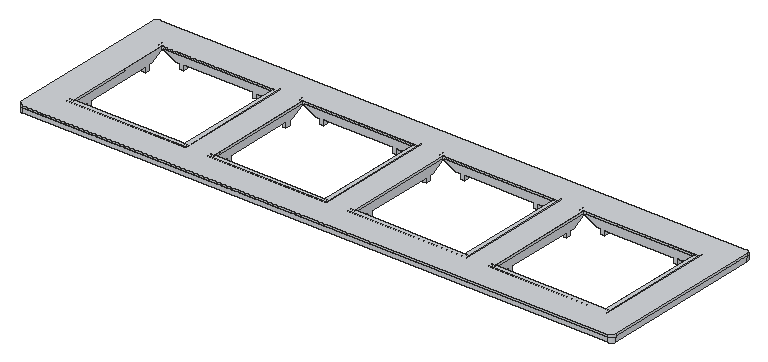
Revit family "Gira_0214295", category Electrical Fixtures, host Face, Revit 2017
Family settings
  Host = Face
  Maintain Annotation Orientation = No
  Round Connector Dimension = Use Diameter
  Part Type = Normal
  Cut with Voids When Loaded = No
  Shared = No
  Room Calculation Point = No
Parameters (values of type "Cov.fr. 4-g flat Gira E2 p.white")
  With mounting grid = "No"
  With hinged lid = "No"
  URL = "http://katalog.gira.de/en/datenblatt.html?artikelnr=0214295"
  Type of fastening = "Clamp mounting"
  Transparent = "No"
  Surface protection = "Other"
  Surface finishing = "Glossy"
  Suitable for wall duct = "No"
  Suitable for flush-mounted installation = "Yes"
  Suitable for floor box = "No"
  Suitable for built-in installation = "No"
  RAL-number (akin) = "9010"
  Number of units vertical = "4"
  Number of units horizontal = "4"
  Number of units = "4"
  Name = "Cov.fr. 4-g flat Gira E2 p.white"
  Mounting direction = "Horizontal and vertical"
  Material quality = "Thermoplastic"
  Material = "Plastic"
  Manufacturer URL = "https://www.gira.de/"
  Manufacturer = "Gira"
  Label space/information surface = "No"
  Keynote = ""
  HeinzeBIM = "https://bimportal.heinze.de/bim/cov-fr-4-g-flat-gira-e2-p-white/750c022521ac375c9430a781b26e076f1da74bf4"
  Halogen free = "Yes"
  HAN = "0214295"
  GTIN = "4010337022268"
  Description = "Cov.fr.4g flat E2 PW,Gira E2 cover frame for flat installation,pure white glossy,4-gang,"
  Degree of protection (IP) = "IP21"
  Default Elevation = 1219.2 mm
  Data sheet (1) = "https://katalog.gira.de/en/download.html?artikelnr=0214295"
  Colour = "White"
  Category = "Cover frame for domestic switching devices"
  BIM (1) = "https://media.stage.bim.site/public/gira/36a6b08/E2flach_Rahmen_4fach.rfa"
  Available = "No"
Reference planes
  plane 1 "Center (Front/Back)": y = 0
  plane 2: z = 0
  plane 3 "Center (Left/Right)": x = 0
Forms (mm)
  Extrusion 1, solid, detail levels fine
    sketch origin (0, 0, 0) x (1, 0, 0) y (0, 1, 0)
      loop
        arc (-148.2, 43.9) -> (-149.968, 43.168) -> (-150.7, 41.4) r 2.5
        line (-150.7, 41.4) -> (-150.7, -41.4)
        arc (-150.7, -41.4) -> (-149.968, -43.168) -> (-148.2, -43.9) r 2.5
        line (-148.2, -43.9) -> (148.2, -43.9)
        arc (148.2, -43.9) -> (149.968, -43.168) -> (150.7, -41.4) r 2.5
        line (150.7, -41.4) -> (150.7, 41.4)
        arc (150.7, 41.4) -> (149.968, 43.168) -> (148.2, 43.9) r 2.5
        line (148.2, 43.9) -> (-148.2, 43.9)
      loop
        spline (-134.944, -27.245) -> (-134.936, -27.363) -> (-134.913, -27.478) -> (-134.875, -27.589) -> (-134.823, -27.695) -> (-134.758, -27.792) -> (-134.681, -27.881) -> (-134.592, -27.958) -> (-134.495, -28.023) -> (-134.389, -28.075) -> (-134.278, -28.113) -> (-134.163, -28.136) -> (-134.045, -28.144)
        line (-134.045, -28.144) -> (-79.555, -28.144)
        spline (-79.555, -28.144) -> (-79.437, -28.136) -> (-79.322, -28.113) -> (-79.211, -28.075) -> (-79.105, -28.023) -> (-79.008, -27.958) -> (-78.919, -27.881) -> (-78.842, -27.792) -> (-78.777, -27.695) -> (-78.725, -27.589) -> (-78.687, -27.478) -> (-78.664, -27.363) -> (-78.656, -27.245)
        line (-78.656, -27.245) -> (-78.656, 27.245)
        spline (-78.656, 27.245) -> (-78.664, 27.363) -> (-78.687, 27.478) -> (-78.725, 27.589) -> (-78.777, 27.695) -> (-78.842, 27.792) -> (-78.919, 27.881) -> (-79.008, 27.958) -> (-79.105, 28.023) -> (-79.211, 28.075) -> (-79.322, 28.113) -> (-79.437, 28.136) -> (-79.555, 28.144)
        line (-79.555, 28.144) -> (-134.045, 28.144)
        spline (-134.045, 28.144) -> (-134.163, 28.136) -> (-134.278, 28.113) -> (-134.389, 28.075) -> (-134.495, 28.023) -> (-134.592, 27.958) -> (-134.681, 27.881) -> (-134.758, 27.792) -> (-134.823, 27.695) -> (-134.875, 27.589) -> (-134.913, 27.478) -> (-134.936, 27.363) -> (-134.944, 27.245)
        line (-134.944, 27.245) -> (-134.944, -27.245)
      loop
        spline (134.045, -28.144) -> (134.163, -28.136) -> (134.278, -28.113) -> (134.389, -28.075) -> (134.495, -28.023) -> (134.592, -27.958) -> (134.681, -27.881) -> (134.758, -27.792) -> (134.823, -27.695) -> (134.875, -27.589) -> (134.913, -27.478) -> (134.936, -27.363) -> (134.944, -27.245)
        line (134.944, -27.245) -> (134.944, 27.245)
        spline (134.944, 27.245) -> (134.936, 27.363) -> (134.913, 27.478) -> (134.875, 27.589) -> (134.823, 27.695) -> (134.758, 27.792) -> (134.681, 27.881) -> (134.592, 27.958) -> (134.495, 28.023) -> (134.389, 28.075) -> (134.278, 28.113) -> (134.163, 28.136) -> (134.045, 28.144)
        line (134.045, 28.144) -> (79.555, 28.144)
        spline (79.555, 28.144) -> (79.437, 28.136) -> (79.322, 28.113) -> (79.211, 28.075) -> (79.105, 28.023) -> (79.008, 27.958) -> (78.919, 27.881) -> (78.842, 27.792) -> (78.777, 27.695) -> (78.725, 27.589) -> (78.687, 27.478) -> (78.664, 27.363) -> (78.656, 27.245)
        line (78.656, 27.245) -> (78.656, -27.245)
        spline (78.656, -27.245) -> (78.664, -27.363) -> (78.687, -27.478) -> (78.725, -27.589) -> (78.777, -27.695) -> (78.842, -27.792) -> (78.919, -27.881) -> (79.008, -27.958) -> (79.105, -28.023) -> (79.211, -28.075) -> (79.322, -28.113) -> (79.437, -28.136) -> (79.555, -28.144)
        line (79.555, -28.144) -> (134.045, -28.144)
      loop
        spline (-63.744, -27.245) -> (-63.736, -27.363) -> (-63.713, -27.478) -> (-63.675, -27.589) -> (-63.623, -27.695) -> (-63.558, -27.792) -> (-63.481, -27.881) -> (-63.392, -27.958) -> (-63.295, -28.023) -> (-63.189, -28.075) -> (-63.078, -28.113) -> (-62.963, -28.136) -> (-62.845, -28.144)
        line (-62.845, -28.144) -> (-8.355, -28.144)
        spline (-8.355, -28.144) -> (-8.237, -28.136) -> (-8.122, -28.113) -> (-8.011, -28.075) -> (-7.905, -28.023) -> (-7.808, -27.958) -> (-7.719, -27.881) -> (-7.642, -27.792) -> (-7.577, -27.695) -> (-7.525, -27.589) -> (-7.487, -27.478) -> (-7.464, -27.363) -> (-7.456, -27.245)
        line (-7.456, -27.245) -> (-7.456, 27.245)
        spline (-7.456, 27.245) -> (-7.464, 27.363) -> (-7.487, 27.478) -> (-7.525, 27.589) -> (-7.577, 27.695) -> (-7.642, 27.792) -> (-7.719, 27.881) -> (-7.808, 27.958) -> (-7.905, 28.023) -> (-8.011, 28.075) -> (-8.122, 28.113) -> (-8.237, 28.136) -> (-8.355, 28.144)
        line (-8.355, 28.144) -> (-62.845, 28.144)
        spline (-62.845, 28.144) -> (-62.963, 28.136) -> (-63.078, 28.113) -> (-63.189, 28.075) -> (-63.295, 28.023) -> (-63.392, 27.958) -> (-63.481, 27.881) -> (-63.558, 27.792) -> (-63.623, 27.695) -> (-63.675, 27.589) -> (-63.713, 27.478) -> (-63.736, 27.363) -> (-63.744, 27.245)
        line (-63.744, 27.245) -> (-63.744, -27.245)
      loop
        spline (7.456, -27.245) -> (7.464, -27.363) -> (7.487, -27.478) -> (7.525, -27.589) -> (7.577, -27.695) -> (7.642, -27.792) -> (7.719, -27.881) -> (7.808, -27.958) -> (7.905, -28.023) -> (8.011, -28.075) -> (8.122, -28.113) -> (8.237, -28.136) -> (8.355, -28.144)
        line (8.355, -28.144) -> (62.845, -28.144)
        spline (62.845, -28.144) -> (62.963, -28.136) -> (63.078, -28.113) -> (63.189, -28.075) -> (63.295, -28.023) -> (63.392, -27.958) -> (63.481, -27.881) -> (63.558, -27.792) -> (63.623, -27.695) -> (63.675, -27.589) -> (63.713, -27.478) -> (63.736, -27.363) -> (63.744, -27.245)
        line (63.744, -27.245) -> (63.744, 27.245)
        spline (63.744, 27.245) -> (63.736, 27.363) -> (63.713, 27.478) -> (63.675, 27.589) -> (63.623, 27.695) -> (63.558, 27.792) -> (63.481, 27.881) -> (63.392, 27.958) -> (63.295, 28.023) -> (63.189, 28.075) -> (63.078, 28.113) -> (62.963, 28.136) -> (62.845, 28.144)
        line (62.845, 28.144) -> (8.355, 28.144)
        spline (8.355, 28.144) -> (8.237, 28.136) -> (8.122, 28.113) -> (8.011, 28.075) -> (7.905, 28.023) -> (7.808, 27.958) -> (7.719, 27.881) -> (7.642, 27.792) -> (7.577, 27.695) -> (7.525, 27.589) -> (7.487, 27.478) -> (7.464, 27.363) -> (7.456, 27.245)
        line (7.456, 27.245) -> (7.456, -27.245)
    from 2.5 to 3.4
  Extrusion 2, solid, detail levels fine
    sketch origin (0, 0, 0) x (1, 0, 0) y (0, 1, 0)
      loop
        arc (-148.2, 43.9) -> (-149.968, 43.168) -> (-150.7, 41.4) r 2.5
        line (-150.7, 41.4) -> (-150.7, -41.4)
        arc (-150.7, -41.4) -> (-149.968, -43.168) -> (-148.2, -43.9) r 2.5
        line (-148.2, -43.9) -> (148.2, -43.9)
        arc (148.2, -43.9) -> (149.968, -43.168) -> (150.7, -41.4) r 2.5
        line (150.7, -41.4) -> (150.7, 41.4)
        arc (150.7, 41.4) -> (149.968, 43.168) -> (148.2, 43.9) r 2.5
        line (148.2, 43.9) -> (-148.2, 43.9)
      loop
        arc (-148.2, 43.4) -> (-149.614, 42.814) -> (-150.2, 41.4) r 2
        line (-150.2, 41.4) -> (-150.2, -41.4)
        arc (-150.2, -41.4) -> (-149.614, -42.814) -> (-148.2, -43.4) r 2
        line (-148.2, -43.4) -> (148.2, -43.4)
        arc (148.2, -43.4) -> (149.614, -42.814) -> (150.2, -41.4) r 2
        line (150.2, -41.4) -> (150.2, 41.4)
        arc (150.2, 41.4) -> (149.614, 42.814) -> (148.2, 43.4) r 2
        line (148.2, 43.4) -> (-148.2, 43.4)
    from 0 to 2.5
  Extrusion 3, solid, detail levels fine
    sketch origin (-106.8, 0, 0) x (1, 0, 0) y (0, 0, 1)
      loop
        line (-17.5, -4.06) -> (-17.5, -1.56) -> (17.5, -1.56) -> (17.5, -4.06) -> (19.5, -4.06) -> (19.5, -1.56) -> (21.654, -1.56) -> (27.214, 1.65) -> (30, 1.65) -> (30, 3.4) -> (-30, 3.4) -> (-30, 1.65) -> (-27.214, 1.65) -> (-21.654, -1.56) -> (-19.5, -1.56) -> (-19.5, -4.06) -> (-17.5, -4.06)
    from 28.144 to 30
  Extrusion 4, solid, detail levels fine
    sketch origin (-106.8, 0, 0) x (0, -1, 0) y (0, 0, -1)
      loop
        line (-17.5, 4.06) -> (-19.5, 4.06) -> (-19.5, 1.56) -> (-21.654, 1.56) -> (-27.214, -1.65) -> (-28.144, -1.65) -> (-28.144, -3.4) -> (28.144, -3.4) -> (28.144, -1.65) -> (27.214, -1.65) -> (21.654, 1.56) -> (19.5, 1.56) -> (19.5, 4.06) -> (17.5, 4.06) -> (17.5, 1.56) -> (-17.5, 1.56) -> (-17.5, 4.06)
    from 28.144 to 30
  Extrusion 5, solid, detail levels medium
    sketch origin (-106.8, 0, 0) x (0, -1, 0) y (0, 0, 1)
      loop
        line (-17.5, -4.06) -> (-17.5, -1.56) -> (17.5, -1.56) -> (17.5, -4.06) -> (19.5, -4.06) -> (19.5, -1.56) -> (28.144, -1.56) -> (28.144, 3.4) -> (-28.144, 3.4) -> (-28.144, -1.56) -> (-19.5, -1.56) -> (-19.5, -4.06) -> (-17.5, -4.06)
    from 28.144 to 30
  Extrusion 6, solid, detail levels fine
    sketch origin (-106.8, 0, 0) x (1, 0, 0) y (0, 0, -1)
      loop
        line (-17.5, 4.06) -> (-19.5, 4.06) -> (-19.5, 1.56) -> (-21.654, 1.56) -> (-27.214, -1.65) -> (-30, -1.65) -> (-30, -3.4) -> (30, -3.4) -> (30, -1.65) -> (27.214, -1.65) -> (21.654, 1.56) -> (19.5, 1.56) -> (19.5, 4.06) -> (17.5, 4.06) -> (17.5, 1.56) -> (-17.5, 1.56) -> (-17.5, 4.06)
    from 28.144 to 30
  Extrusion 7, solid, detail levels coarse
    sketch origin (0, 0, 0) x (1, 0, 0) y (0, 1, 0)
      loop
        line (-150.7, 43.9) -> (-150.7, -43.9) -> (150.7, -43.9) -> (150.7, 43.9) -> (-150.7, 43.9)
    from -4.06 to 3.4
  Extrusion 8, solid, detail levels medium
    sketch origin (0, 0, 0) x (1, 0, 0) y (0, 1, 0)
      loop
        line (-150.7, 43.9) -> (-150.7, -43.9) -> (150.7, -43.9) -> (150.7, 43.9) -> (-150.7, 43.9)
    from 0 to 3.4
  Extrusion 9, solid, detail levels medium
    sketch origin (-106.8, 0, 0) x (1, 0, 0) y (0, 0, 1)
      loop
        line (-17.5, -4.06) -> (-17.5, -1.56) -> (17.5, -1.56) -> (17.5, -4.06) -> (19.5, -4.06) -> (19.5, -1.56) -> (30, -1.56) -> (30, 3.4) -> (-30, 3.4) -> (-30, -1.56) -> (-19.5, -1.56) -> (-19.5, -4.06) -> (-17.5, -4.06)
    from 28.144 to 30
  Extrusion 10, solid, detail levels medium
    sketch origin (-106.8, 0, 0) x (1, 0, 0) y (0, 0, -1)
      loop
        line (-17.5, 4.06) -> (-19.5, 4.06) -> (-19.5, 1.56) -> (-30, 1.56) -> (-30, -3.4) -> (30, -3.4) -> (30, 1.56) -> (19.5, 1.56) -> (19.5, 4.06) -> (17.5, 4.06) -> (17.5, 1.56) -> (-17.5, 1.56) -> (-17.5, 4.06)
    from 28.144 to 30
  Extrusion 11, solid, detail levels medium
    sketch origin (-106.8, 0, 0) x (0, -1, 0) y (0, 0, -1)
      loop
        line (-17.5, 4.06) -> (-19.5, 4.06) -> (-19.5, 1.56) -> (-28.144, 1.56) -> (-28.144, -3.4) -> (28.144, -3.4) -> (28.144, 1.56) -> (19.5, 1.56) -> (19.5, 4.06) -> (17.5, 4.06) -> (17.5, 1.56) -> (-17.5, 1.56) -> (-17.5, 4.06)
    from 28.144 to 30
  Extrusion 12, solid, detail levels fine
    sketch origin (35.6, 0, 0) x (-1, 0, 0) y (0, 0, -1)
      loop
        line (-17.5, 4.06) -> (-19.5, 4.06) -> (-19.5, 1.56) -> (-21.654, 1.56) -> (-27.214, -1.65) -> (-30, -1.65) -> (-30, -3.4) -> (30, -3.4) -> (30, -1.65) -> (27.214, -1.65) -> (21.654, 1.56) -> (19.5, 1.56) -> (19.5, 4.06) -> (17.5, 4.06) -> (17.5, 1.56) -> (-17.5, 1.56) -> (-17.5, 4.06)
    from 28.144 to 30
  Extrusion 13, solid, detail levels fine
    sketch origin (35.6, 0, 0) x (0, -1, 0) y (0, 0, 1)
      loop
        line (-17.5, -4.06) -> (-17.5, -1.56) -> (17.5, -1.56) -> (17.5, -4.06) -> (19.5, -4.06) -> (19.5, -1.56) -> (21.654, -1.56) -> (27.214, 1.65) -> (28.144, 1.65) -> (28.144, 3.4) -> (-28.144, 3.4) -> (-28.144, 1.65) -> (-27.214, 1.65) -> (-21.654, -1.56) -> (-19.5, -1.56) -> (-19.5, -4.06) -> (-17.5, -4.06)
    from 28.144 to 30
  Extrusion 14, solid, detail levels medium
    sketch origin (35.6, 0, 0) x (0, -1, 0) y (0, 0, -1)
      loop
        line (-17.5, 4.06) -> (-19.5, 4.06) -> (-19.5, 1.56) -> (-28.144, 1.56) -> (-28.144, -3.4) -> (28.144, -3.4) -> (28.144, 1.56) -> (19.5, 1.56) -> (19.5, 4.06) -> (17.5, 4.06) -> (17.5, 1.56) -> (-17.5, 1.56) -> (-17.5, 4.06)
    from 28.144 to 30
  Extrusion 15, solid, detail levels fine
    sketch origin (35.6, 0, 0) x (-1, 0, 0) y (0, 0, 1)
      loop
        line (-17.5, -4.06) -> (-17.5, -1.56) -> (17.5, -1.56) -> (17.5, -4.06) -> (19.5, -4.06) -> (19.5, -1.56) -> (21.654, -1.56) -> (27.214, 1.65) -> (30, 1.65) -> (30, 3.4) -> (-30, 3.4) -> (-30, 1.65) -> (-27.214, 1.65) -> (-21.654, -1.56) -> (-19.5, -1.56) -> (-19.5, -4.06) -> (-17.5, -4.06)
    from 28.144 to 30
  Extrusion 16, solid, detail levels medium
    sketch origin (35.6, 0, 0) x (-1, 0, 0) y (0, 0, -1)
      loop
        line (-17.5, 4.06) -> (-19.5, 4.06) -> (-19.5, 1.56) -> (-30, 1.56) -> (-30, -3.4) -> (30, -3.4) -> (30, 1.56) -> (19.5, 1.56) -> (19.5, 4.06) -> (17.5, 4.06) -> (17.5, 1.56) -> (-17.5, 1.56) -> (-17.5, 4.06)
    from 28.144 to 30
  Extrusion 17, solid, detail levels medium
    sketch origin (35.6, 0, 0) x (-1, 0, 0) y (0, 0, 1)
      loop
        line (-17.5, -4.06) -> (-17.5, -1.56) -> (17.5, -1.56) -> (17.5, -4.06) -> (19.5, -4.06) -> (19.5, -1.56) -> (30, -1.56) -> (30, 3.4) -> (-30, 3.4) -> (-30, -1.56) -> (-19.5, -1.56) -> (-19.5, -4.06) -> (-17.5, -4.06)
    from 28.144 to 30
  Extrusion 18, solid, detail levels medium
    sketch origin (35.6, 0, 0) x (0, -1, 0) y (0, 0, 1)
      loop
        line (-17.5, -4.06) -> (-17.5, -1.56) -> (17.5, -1.56) -> (17.5, -4.06) -> (19.5, -4.06) -> (19.5, -1.56) -> (28.144, -1.56) -> (28.144, 3.4) -> (-28.144, 3.4) -> (-28.144, -1.56) -> (-19.5, -1.56) -> (-19.5, -4.06) -> (-17.5, -4.06)
    from 28.144 to 30
  Extrusion 19, solid, detail levels fine
    sketch origin (-164.944, 0, 0) x (0, -1, 0) y (0, 0, -1)
      loop
        line (-17.5, 4.06) -> (-19.5, 4.06) -> (-19.5, 1.56) -> (-21.654, 1.56) -> (-27.214, -1.65) -> (-28.144, -1.65) -> (-28.144, -3.4) -> (28.144, -3.4) -> (28.144, -1.65) -> (27.214, -1.65) -> (21.654, 1.56) -> (19.5, 1.56) -> (19.5, 4.06) -> (17.5, 4.06) -> (17.5, 1.56) -> (-17.5, 1.56) -> (-17.5, 4.06)
    from 28.144 to 30
  Extrusion 20, solid, detail levels fine
    sketch origin (93.744, 0, 0) x (0, -1, 0) y (0, 0, 1)
      loop
        line (-17.5, -4.06) -> (-17.5, -1.56) -> (17.5, -1.56) -> (17.5, -4.06) -> (19.5, -4.06) -> (19.5, -1.56) -> (21.654, -1.56) -> (27.214, 1.65) -> (28.144, 1.65) -> (28.144, 3.4) -> (-28.144, 3.4) -> (-28.144, 1.65) -> (-27.214, 1.65) -> (-21.654, -1.56) -> (-19.5, -1.56) -> (-19.5, -4.06) -> (-17.5, -4.06)
    from 28.144 to 30
  Extrusion 21, solid, detail levels fine
    sketch origin (-35.6, 0, 0) x (-1, 0, 0) y (0, 0, -1)
      loop
        line (-17.5, 4.06) -> (-19.5, 4.06) -> (-19.5, 1.56) -> (-21.654, 1.56) -> (-27.214, -1.65) -> (-30, -1.65) -> (-30, -3.4) -> (30, -3.4) -> (30, -1.65) -> (27.214, -1.65) -> (21.654, 1.56) -> (19.5, 1.56) -> (19.5, 4.06) -> (17.5, 4.06) -> (17.5, 1.56) -> (-17.5, 1.56) -> (-17.5, 4.06)
    from 28.144 to 30
  Extrusion 22, solid, detail levels fine
    sketch origin (-35.6, 0, 0) x (0, -1, 0) y (0, 0, 1)
      loop
        line (-17.5, -4.06) -> (-17.5, -1.56) -> (17.5, -1.56) -> (17.5, -4.06) -> (19.5, -4.06) -> (19.5, -1.56) -> (21.654, -1.56) -> (27.214, 1.65) -> (28.144, 1.65) -> (28.144, 3.4) -> (-28.144, 3.4) -> (-28.144, 1.65) -> (-27.214, 1.65) -> (-21.654, -1.56) -> (-19.5, -1.56) -> (-19.5, -4.06) -> (-17.5, -4.06)
    from 28.144 to 30
  Extrusion 23, solid, detail levels medium
    sketch origin (-35.6, 0, 0) x (0, -1, 0) y (0, 0, -1)
      loop
        line (-17.5, 4.06) -> (-19.5, 4.06) -> (-19.5, 1.56) -> (-28.144, 1.56) -> (-28.144, -3.4) -> (28.144, -3.4) -> (28.144, 1.56) -> (19.5, 1.56) -> (19.5, 4.06) -> (17.5, 4.06) -> (17.5, 1.56) -> (-17.5, 1.56) -> (-17.5, 4.06)
    from 28.144 to 30
  Extrusion 24, solid, detail levels fine
    sketch origin (-35.6, 0, 0) x (-1, 0, 0) y (0, 0, 1)
      loop
        line (-17.5, -4.06) -> (-17.5, -1.56) -> (17.5, -1.56) -> (17.5, -4.06) -> (19.5, -4.06) -> (19.5, -1.56) -> (21.654, -1.56) -> (27.214, 1.65) -> (30, 1.65) -> (30, 3.4) -> (-30, 3.4) -> (-30, 1.65) -> (-27.214, 1.65) -> (-21.654, -1.56) -> (-19.5, -1.56) -> (-19.5, -4.06) -> (-17.5, -4.06)
    from 28.144 to 30
  Extrusion 25, solid, detail levels medium
    sketch origin (-35.6, 0, 0) x (-1, 0, 0) y (0, 0, -1)
      loop
        line (-17.5, 4.06) -> (-19.5, 4.06) -> (-19.5, 1.56) -> (-30, 1.56) -> (-30, -3.4) -> (30, -3.4) -> (30, 1.56) -> (19.5, 1.56) -> (19.5, 4.06) -> (17.5, 4.06) -> (17.5, 1.56) -> (-17.5, 1.56) -> (-17.5, 4.06)
    from 28.144 to 30
  Extrusion 26, solid, detail levels medium
    sketch origin (-35.6, 0, 0) x (-1, 0, 0) y (0, 0, 1)
      loop
        line (-17.5, -4.06) -> (-17.5, -1.56) -> (17.5, -1.56) -> (17.5, -4.06) -> (19.5, -4.06) -> (19.5, -1.56) -> (30, -1.56) -> (30, 3.4) -> (-30, 3.4) -> (-30, -1.56) -> (-19.5, -1.56) -> (-19.5, -4.06) -> (-17.5, -4.06)
    from 28.144 to 30
  Extrusion 27, solid, detail levels medium
    sketch origin (-35.6, 0, 0) x (0, -1, 0) y (0, 0, 1)
      loop
        line (-17.5, -4.06) -> (-17.5, -1.56) -> (17.5, -1.56) -> (17.5, -4.06) -> (19.5, -4.06) -> (19.5, -1.56) -> (28.144, -1.56) -> (28.144, 3.4) -> (-28.144, 3.4) -> (-28.144, -1.56) -> (-19.5, -1.56) -> (-19.5, -4.06) -> (-17.5, -4.06)
    from 28.144 to 30
  Extrusion 28, solid, detail levels fine
    sketch origin (22.544, 0, 0) x (0, -1, 0) y (0, 0, 1)
      loop
        line (-17.5, -4.06) -> (-17.5, -1.56) -> (17.5, -1.56) -> (17.5, -4.06) -> (19.5, -4.06) -> (19.5, -1.56) -> (21.654, -1.56) -> (27.214, 1.65) -> (28.144, 1.65) -> (28.144, 3.4) -> (-28.144, 3.4) -> (-28.144, 1.65) -> (-27.214, 1.65) -> (-21.654, -1.56) -> (-19.5, -1.56) -> (-19.5, -4.06) -> (-17.5, -4.06)
    from 28.144 to 30
  Extrusion 29, solid, detail levels fine
    sketch origin (106.8, 0, 0) x (-1, 0, 0) y (0, 0, -1)
      loop
        line (-17.5, 4.06) -> (-19.5, 4.06) -> (-19.5, 1.56) -> (-21.654, 1.56) -> (-27.214, -1.65) -> (-30, -1.65) -> (-30, -3.4) -> (30, -3.4) -> (30, -1.65) -> (27.214, -1.65) -> (21.654, 1.56) -> (19.5, 1.56) -> (19.5, 4.06) -> (17.5, 4.06) -> (17.5, 1.56) -> (-17.5, 1.56) -> (-17.5, 4.06)
    from 28.144 to 30
  Extrusion 30, solid, detail levels fine
    sketch origin (106.8, 0, 0) x (0, -1, 0) y (0, 0, 1)
      loop
        line (-17.5, -4.06) -> (-17.5, -1.56) -> (17.5, -1.56) -> (17.5, -4.06) -> (19.5, -4.06) -> (19.5, -1.56) -> (21.654, -1.56) -> (27.214, 1.65) -> (28.144, 1.65) -> (28.144, 3.4) -> (-28.144, 3.4) -> (-28.144, 1.65) -> (-27.214, 1.65) -> (-21.654, -1.56) -> (-19.5, -1.56) -> (-19.5, -4.06) -> (-17.5, -4.06)
    from 28.144 to 30
  Extrusion 31, solid, detail levels medium
    sketch origin (106.8, 0, 0) x (0, -1, 0) y (0, 0, -1)
      loop
        line (-17.5, 4.06) -> (-19.5, 4.06) -> (-19.5, 1.56) -> (-28.144, 1.56) -> (-28.144, -3.4) -> (28.144, -3.4) -> (28.144, 1.56) -> (19.5, 1.56) -> (19.5, 4.06) -> (17.5, 4.06) -> (17.5, 1.56) -> (-17.5, 1.56) -> (-17.5, 4.06)
    from 28.144 to 30
  Extrusion 32, solid, detail levels fine
    sketch origin (106.8, 0, 0) x (-1, 0, 0) y (0, 0, 1)
      loop
        line (-17.5, -4.06) -> (-17.5, -1.56) -> (17.5, -1.56) -> (17.5, -4.06) -> (19.5, -4.06) -> (19.5, -1.56) -> (21.654, -1.56) -> (27.214, 1.65) -> (30, 1.65) -> (30, 3.4) -> (-30, 3.4) -> (-30, 1.65) -> (-27.214, 1.65) -> (-21.654, -1.56) -> (-19.5, -1.56) -> (-19.5, -4.06) -> (-17.5, -4.06)
    from 28.144 to 30
  Extrusion 33, solid, detail levels medium
    sketch origin (106.8, 0, 0) x (-1, 0, 0) y (0, 0, -1)
      loop
        line (-17.5, 4.06) -> (-19.5, 4.06) -> (-19.5, 1.56) -> (-30, 1.56) -> (-30, -3.4) -> (30, -3.4) -> (30, 1.56) -> (19.5, 1.56) -> (19.5, 4.06) -> (17.5, 4.06) -> (17.5, 1.56) -> (-17.5, 1.56) -> (-17.5, 4.06)
    from 28.144 to 30
  Extrusion 34, solid, detail levels medium
    sketch origin (106.8, 0, 0) x (-1, 0, 0) y (0, 0, 1)
      loop
        line (-17.5, -4.06) -> (-17.5, -1.56) -> (17.5, -1.56) -> (17.5, -4.06) -> (19.5, -4.06) -> (19.5, -1.56) -> (30, -1.56) -> (30, 3.4) -> (-30, 3.4) -> (-30, -1.56) -> (-19.5, -1.56) -> (-19.5, -4.06) -> (-17.5, -4.06)
    from 28.144 to 30
  Extrusion 35, solid, detail levels medium
    sketch origin (106.8, 0, 0) x (0, -1, 0) y (0, 0, 1)
      loop
        line (-17.5, -4.06) -> (-17.5, -1.56) -> (17.5, -1.56) -> (17.5, -4.06) -> (19.5, -4.06) -> (19.5, -1.56) -> (28.144, -1.56) -> (28.144, 3.4) -> (-28.144, 3.4) -> (-28.144, -1.56) -> (-19.5, -1.56) -> (-19.5, -4.06) -> (-17.5, -4.06)
    from 28.144 to 30
  Extrusion 36, solid, detail levels fine
    sketch origin (164.944, 0, 0) x (0, -1, 0) y (0, 0, 1)
      loop
        line (-17.5, -4.06) -> (-17.5, -1.56) -> (17.5, -1.56) -> (17.5, -4.06) -> (19.5, -4.06) -> (19.5, -1.56) -> (21.654, -1.56) -> (27.214, 1.65) -> (28.144, 1.65) -> (28.144, 3.4) -> (-28.144, 3.4) -> (-28.144, 1.65) -> (-27.214, 1.65) -> (-21.654, -1.56) -> (-19.5, -1.56) -> (-19.5, -4.06) -> (-17.5, -4.06)
    from 28.144 to 30
Dimensions and locks
  aligned and locked: plane 2 to host face
  aligned and locked: level to host face
